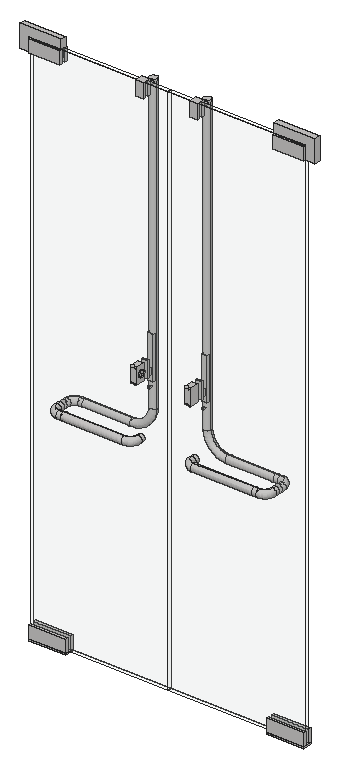
Revit family "Doors_Swing_Avanti_Systems_Pivot-Frameless-Pair-Swing-Door-Sgl-Glazed", category Doors, Revit 2026 (continued)
Definition of nested family "Pivot Door Bottom Free Swing Pivot Option"
  Forms (in)
    Extrusion 6, solid, material <- "Product Material", visible <- "Recessed Floor Closer", detail levels fine
      sketch origin (4.58661, -180, 0.45276) x (-1, 0, 0) y (0, -1, 0)
        loop
          line (4.58661, -180.03198) -> (4.58661, -179.85329) -> (-1.9685, -179.85329) -> (-1.9685, -180.03198) -> (4.58661, -180.03198)
      from -1.37992 to 0.15945
  Cuts and joins
    joined: Extrusion 3, Extrusion 4
  Dimensions and locks (in)
    plane 5 to plane 1 "Center (Front/Back)" to plane 4 = 0.41339" locked, 2.31496" locked
    plane 1 "Center (Front/Back)" to plane 6 = 3/16"
    locked: plane 8 to level at 0.45276
    locked: plane 9 to plane 10 at 0.45276
    "Glass Thickness Control": level to plane 9
    equal spacing: level, plane 11, plane 9
    plane 12 to plane 11 to plane 13 = 0.76969" locked, 0.76969" locked
    plane 7 to plane 14 to plane 15 to plane 3 "Center (Left/Right)" = 2.31507" locked, 4.03237" locked, 0.20769" locked
    locked: plane 17 to plane 4 at 0.57874
    locked: plane 16 to plane 7 at 0.40354
    locked: plane 19 to plane 16 at 0.70866
    locked: plane 20 to plane 3 "Center (Left/Right)" at 2.22678
    plane 21 to plane 11 to plane 22 = 0.62342" locked, 0.62342" locked
    plane 23 to plane 20 to plane 24 = 0.62342" locked, 0.62342" locked
    locked: plane 25 to plane 5 at 1.1811
    locked: plane 15 to plane 26 at 0.52066
    locked: plane 27 to plane 14 at 0.51485
    locked: plane 25 to plane 28 at 0.7874
    plane 1 "Center (Front/Back)" to plane 30 to plane 17 = 0.60237", 1.13386"
    locked: plane 9 to plane 32 at 0.25001
    locked: plane 31 to level at 0.25001
    locked: plane 7 to plane 33 at 0.03937
    locked: plane 34 to plane 3 "Center (Left/Right)" at 0.03937
    aligned and locked: plane 2 to Extrusion 1
    aligned and locked: level to Extrusion 1
    aligned and locked: Extrusion 2 sketch curve to plane 4
    aligned and locked: Extrusion 2 sketch curve to plane 3 "Center (Left/Right)"
    aligned and locked: Extrusion 2 sketch curve to plane 6
    aligned and locked: Extrusion 2 sketch curve to plane 7
    aligned and locked: plane 9 to Extrusion 2
    aligned and locked: plane 10 to Extrusion 2
    aligned and locked: Extrusion 3 sketch curve to plane 4
    aligned and locked: Extrusion 3 sketch curve to plane 7
    aligned and locked: Extrusion 3 sketch curve to plane 6
    aligned and locked: Extrusion 3 sketch curve to plane 3 "Center (Left/Right)"
    aligned and locked: Extrusion 4 sketch curve to plane 3 "Center (Left/Right)"
    aligned and locked: Extrusion 4 sketch curve to plane 4
    aligned and locked: Extrusion 4 sketch curve to plane 7
    aligned and locked: Extrusion 4 sketch curve to plane 6
    aligned and locked: plane 10 to Extrusion 3
    aligned and locked: plane 9 to Extrusion 3
    aligned and locked: Extrusion 4 to level
    aligned and locked: plane 8 to Extrusion 4
    aligned and locked: plane 6 to Extrusion 5
    aligned and locked: plane 3 "Center (Left/Right)" to Extrusion 6 sketch curve
    aligned and locked: plane 7 to Extrusion 6 sketch curve
    aligned and locked: Extrusion 6 to plane 13
    aligned and locked: Extrusion 6 to plane 12
  Automatic sketch dimensions
    Extrusion 1 sketch curve to Extrusion 1 sketch curve = 96"  (x2)
    Extrusion 5 sketch curve to plane 11 = 0"
    Extrusion 5 sketch curve to plane 26 = 0.00025"
    Extrusion 6 sketch curve to plane 1 "Center (Front/Back)" = 0.03198"
    plane 1 "Center (Front/Back)" to Extrusion 6 sketch curve = 0.14671"
    radius of Extrusion 5 sketch curve = 0.19685"
Definition of nested family "Pivot Door Top Free Swing Pivot"
  Parameters (values of type "Glass Thickness 8.0 mm")
    Youtube clip = "https://www.youtube.com/watch?time_continue=4&v=5oOBSi0owgs"
    Weight Net (Kg) = "0.63"
    Uniformat II Description = ""
    Uniformat II Code = ""
    Uniclass 2015 Name = ""
    Uniclass 2015 Code = ""
    Uniclass 2.0 Description = ""
    Uniclass 2.0 Code = ""
    Uniclass 1.4 Description = ""
    Uniclass 1.4 Code = ""
    URL = "http://www.colcomgroup.it"
    UNSPSC Code = ""
    Technical description = "http://www.minusco.com/images/pdf/schede-tecniche/05_PORTE_ESTERNE.pdf"
    Region South America = "All"
    Region Oceania = "All"
    Region North America = "All"
    Region Middle East = "All"
    Region Europe = "All"
    Region Asia = "All"
    Region Antarctica = "All"
    Region Africa = "All"
    QR code = "http://bimobject.com/colcom/product/Top-Hinge-Unica-100E20"
    Product url = "http://www.minusco.com/images/pdf/schede-tecniche/05_PORTE_ESTERNE.pdf"
    Product group = "Top Free hinge"
    Product family = "Glass Hardware"
    Product data url = "https://bimobject.com/colcom/product/Top-Hinge-Unica-100E20"
    Product certification = ""
    Product SKU = "Top-Hinge-Unica-100E20"
    Product Material [instance] = none
    Product Instructions = "Outer doors. Glass thickness from 8mm to 13,52mm .Maximum door width 1000mm. Maximum door weight 100 Kg."  # constant formula
    Product Guid = "7bd65d41-e2c5-4b08-8bdf-08c516c9f22f"
    OmniClass Description = ""
    OmniClass Code = ""
    Nominal width = 6.5748"
    Nominal height = 2.20472"
    NBS Reference Description = ""
    NBS Reference Code = ""
    Model = "Top Hinge Unica 100E20"
    Material secondary = "Steel"
    Material main = "Aluminium"
    Masterformat 2014 Description = ""
    Masterformat 2014 Code = ""
    Manufacturer name = "Colcom"
    Manufacturer country = "Italy"
    Manufacturer = "Colcom"
    Keynote = "08700"
    Installation instructions = ""
    IFC Classification = ""
    Glass Thickness Control [instance] = 0.31496"
    Glass Thickness = 0"
    Edition number = 1
    EAN code = ""
    Design country = "Italy"
    Description = "Top hinge for Hydraulic Hinge 101E10/101E10NF/101E10SF/101E10L"
    Default Elevation = 0"
    Date of publishing = ""
    COBIe Type Category = ""
    Brand url = ""
    BIMobject main category code = ""
    BIMobject main category = ""
    BIMobject category code = ""
    BIMobject category = ""
    Assembly Code = "C1020410"
  Reference planes (in)
    plane 1 "Center (Front/Back)": y = 0
    plane 2: z = 0
    plane 3 "Center (Left/Right)": x = 0
    plane 4: y = 2.31496
    plane 5: y = -0.41339
    plane 6: y = 0.11024
    plane 7: x = 5.5
    plane 8: z = 0.45276
    plane 9: z = -0.31496
    plane 10: z = -0.76772
    plane 11: z = -0.15748
    plane 12: z = 0.6122
    plane 13: z = -0.92717
    plane 14: x = 4.24005
    plane 15: x = 0.20769
    plane 16: x = 5.09646
    plane 17: y = 1.73622
    plane 18: x = 4.3878
    plane 19: x = 2.22678
    plane 20: z = 0.46594
    plane 21: z = -0.7809
    plane 22: x = 1.60336
    plane 23: x = 2.85019
    plane 24: y = -1.59449
    plane 25: x = 0.72835
    plane 26: x = 3.72521
    plane 27: y = -0.80709
    plane 28: y = 1.98032
    plane 29: y = 0.60237
    plane 30: z = 0.25001
    plane 31: z = -0.56497
    plane 32: x = 5.53937
    plane 33: x = -0.03937
    plane 34: y = 1.2126
    plane 35: y = 0.41339
    plane 36: y = 0.68898
    plane 37: y = 2.23622
  Forms (in)
    Extrusion 1, solid
      sketch origin (0, 0, 0) x (1, 0, 0) y (0, 1, 0)
        loop
          line (-48, 48) -> (-48, -48) -> (48, -48) -> (48, 48) -> (-48, 48)
      from 0 to -12
    Extrusion 2, solid, material <- "Product Material"
      sketch origin (3.06299, -180, -0.5315) x (-1, 0, 0) y (0, -1, 0)
        loop
          line (-2.43701, -182.31496) -> (3.06299, -182.31496) -> (3.06299, -180.11024) -> (-2.43701, -180.11024) -> (-2.43701, -182.31496)
      from -0.23622 to 0.21654
    Extrusion 3, solid, material <- "Product Material"
      sketch origin (3.06299, -180, -0.5315) x (-1, 0, 0) y (0, -1, 0)
        loop
          line (-2.43701, -182.31496) -> (3.06299, -182.31496) -> (3.06299, -180.11024) -> (-2.43701, -180.11024) -> (-2.43701, -182.31496)
      from 0.5315 to 0.98425
    Extrusion 4, solid, material <- "Product Material"
      sketch origin (3.06299, -180, -0.5315) x (-1, 0, 0) y (0, -1, 0)
        loop
          line (2.85531, -182.31496) -> (2.85531, -180.68898) -> (-2.03346, -180.68898) -> (-2.03346, -182.31496) -> (2.85531, -182.31496)
      from 0.21654 to 0.5315
  Dimensions and locks (in)
    plane 5 to plane 1 "Center (Front/Back)" to plane 4 = 0.41339" locked, 2.31496" locked
    locked: plane 1 "Center (Front/Back)" to plane 6 at 0.11024
    locked: plane 8 to level at 0.45276
    locked: plane 9 to plane 10 at 0.45276
    "Glass Thickness Control": level to plane 9
    equal spacing: level, plane 11, plane 9
    plane 12 to plane 11 to plane 13 = 0.76969" locked, 0.76969" locked
    locked: plane 17 to plane 4 at 0.57874
    locked: plane 16 to plane 7 at 0.40354
    locked: plane 18 to plane 16 at 0.70866
    locked: plane 19 to plane 3 "Center (Left/Right)" at 2.22678
    plane 20 to plane 11 to plane 21 = 0.62342" locked, 0.62342" locked
    plane 22 to plane 19 to plane 23 = 0.62342" locked, 0.62342" locked
    locked: plane 24 to plane 5 at 1.1811
    locked: plane 15 to plane 25 at 0.52066
    locked: plane 26 to plane 14 at 0.51485
    locked: plane 24 to plane 27 at 0.7874
    plane 1 "Center (Front/Back)" to plane 29 to plane 17 = 0.60237", 1.13386"
    locked: plane 9 to plane 31 at 0.25001
    locked: plane 30 to level at 0.25001
    locked: plane 7 to plane 32 at 0.03937
    locked: plane 33 to plane 3 "Center (Left/Right)" at 0.03937
    equal spacing: plane 6, plane 34, plane 4
    locked: plane 36 to plane 6 at 0.57874
    locked: plane 37 to plane 4 at 0.07874
    Extrusion 3 to Extrusion 3 = 5 1/2"
    locked: plane 7 to plane 33 at 5.53937
    aligned and locked: plane 2 to Extrusion 1
    aligned and locked: level to Extrusion 1
    aligned and locked: Extrusion 2 sketch curve to plane 4
    aligned and locked: Extrusion 2 sketch curve to plane 3 "Center (Left/Right)"
    aligned and locked: Extrusion 2 sketch curve to plane 6
    aligned and locked: Extrusion 2 sketch curve to plane 7
    aligned and locked: Extrusion 3 sketch curve to plane 4
    aligned and locked: Extrusion 3 sketch curve to plane 3 "Center (Left/Right)"
    aligned and locked: Extrusion 3 sketch curve to plane 6
    aligned and locked: Extrusion 3 sketch curve to plane 7
    aligned and locked: Extrusion 3 to level
    aligned and locked: plane 8 to Extrusion 3
    aligned and locked: plane 9 to Extrusion 2
    aligned and locked: plane 10 to Extrusion 2
    aligned and locked: Extrusion 4 sketch curve to plane 16
    aligned and locked: Extrusion 4 sketch curve to plane 15
    aligned and locked: Extrusion 4 to plane 9
    aligned and locked: level to Extrusion 4
    aligned and locked: plane 4 to Extrusion 4 sketch curve
    aligned and locked: plane 36 to Extrusion 4 sketch curve
  Automatic sketch dimensions
    Extrusion 1 sketch curve to Extrusion 1 sketch curve = 96"  (x2)
Definition of nested family "Recessed Floor Closer - Elevation"
  Reference planes (in)
    plane 1 "Center (Front/Back)": y = 0
    plane 2: z = 0
    plane 3 "Center (Left/Right)": x = 0
  Lines and regions (in)
    model lines, in view "Ref. Level"
      curve 1: line (7.18456, 0, 0) -> (7.53314, 0, 0)
      curve 2: line (-2.0721, -0.11624, 0) -> (-3.00164, -0.11624, 0)
      curve 3: line (8.89669, -0.11624, 0) -> (8.38522, -0.11624, 0)
      curve 4: line (-1.84, 0, 0) -> (-1.55577, 0, 0)
      curve 5: line (-1.55577, 0, 0) -> (-1.49142, 0, 0)
      curve 6: arc (0.61969, 0, 0) -> (0.65371, -0.08219, 0) -> (0.73589, -0.11624, 0) r 0.11619
      curve 7: arc (-0.73589, -0.11624, 0) -> (-0.65372, -0.08221, 0) -> (-0.61969, -0.00005, 0) r 0.11619
      curve 8: line (8.32712, -0.11624, 0) -> (8.32712, -2.22707, 0)
      curve 9: line (8.32712, -2.22707, 0) -> (-2.014, -2.22707, 0)
      curve 10: line (-2.014, -2.22707, 0) -> (-2.014, -0.11624, 0)
      curve 11: arc (4.93697, -0.32926, 0) -> (5.02675, -0.36198, 0) -> (5.12145, -0.37467, 0) r 0.44269
      curve 12: arc (6.01869, -0.50358, 0) -> (5.97995, -0.40943, 0) -> (5.88426, -0.37467, 0) r 0.12595
      curve 13: arc (-0.98859, -2.01405, 0) -> (-1.01198, -1.96981, 0) -> (-1.05754, -1.9491, 0) r 0.07746
      curve 14: arc (2.23102, -1.9324, 0) -> (2.26915, -1.91661, 0) -> (2.28494, -1.87849, 0) r 0.05391
      curve 15: arc (-0.98859, -2.01405, 0) -> (-1.01198, -1.96981, 0) -> (-1.05754, -1.9491, 0) r 0.07746
      curve 16: line (4.05806, -1.49349, 0) -> (4.06976, -1.51341, 0)
      curve 17: line (4.05806, -1.40163, 0) -> (4.0949, -1.42913, 0)
      curve 18: line (2.3963, -1.87849, 0) -> (2.36082, -1.98804, 0)
      curve 19: line (2.33499, -2.01405, 0) -> (2.43976, -1.99686, 0)
      curve 20: line (2.43976, -1.99686, 0) -> (2.5209, -2.01405, 0)
      curve 21: line (2.36082, -1.98804, 0) -> (2.32981, -2.01405, 0)
      curve 22: line (2.3963, -1.87849, 0) -> (2.39485, -0.368, 0)
      curve 23: line (2.51583, -0.25184, 0) -> (2.51602, -0.2713, 0)
      curve 24: line (5.09475, -0.15497, 0) -> (5.12145, -0.1649, 0)
      curve 25: line (2.51583, -0.16218, 0) -> (2.51504, -0.15497, 0)
      curve 26: line (2.3111, -0.33011, 0) -> (2.32193, -0.3217, 0)
      curve 27: line (2.28494, -0.36799, 0) -> (2.3111, -0.33011, 0)
      curve 28: line (2.32193, -0.3217, 0) -> (2.39732, -0.2818, 0)
      curve 29: line (2.51602, -0.2713, 0) -> (2.47831, -0.28084, 0)
      curve 30: line (2.47228, -0.29053, 0) -> (2.39485, -0.36799, 0)
      curve 31: line (2.47228, -0.29053, 0) -> (2.39485, -0.368, 0)
      curve 32: line (4.93697, -0.32926, 0) -> (4.80856, -0.29053, 0)
      curve 33: line (5.86382, -1.53009, 0) -> (6.11965, -1.27426, 0)
      curve 34: line (5.94518, -0.29317, 0) -> (6.06391, -0.29317, 0)
      curve 35: line (6.09155, -0.29317, 0) -> (6.06391, -0.29317, 0)
      curve 36: line (6.11965, -0.30669, 0) -> (6.09155, -0.29317, 0)
      curve 37: line (7.11028, -0.16408, 0) -> (7.10882, -0.15646, 0)
      curve 38: line (4.06517, -1.85715, 0) -> (4.05806, -1.84734, 0)
      curve 39: line (5.91956, -0.16845, 0) -> (5.92391, -0.15497, 0)
      curve 40: line (-1.53415, -0.15497, 0) -> (-1.53612, -0.16371, 0)
      curve 41: line (5.86382, -1.42913, 0) -> (6.01869, -1.27426, 0)
      curve 42: line (5.94518, -0.29317, 0) -> (5.91956, -0.27169, 0)
      curve 43: line (4.06976, -1.51341, 0) -> (4.09028, -1.53009, 0)
      curve 44: line (4.06517, -1.87849, 0) -> (4.08977, -1.9324, 0)
      curve 45: line (7.08568, -1.9324, 0) -> (7.11028, -1.87849, 0)
      curve 46: arc (7.62029, -0.1356, 0) -> (7.61461, -0.12191, 0) -> (7.60092, -0.11624, 0) r 0.01937
      curve 47: arc (3.91178, -0.81339, 0) -> (3.90611, -0.7997, 0) -> (3.89241, -0.79403, 0) r 0.01937
      curve 48: arc (3.66003, -0.79403, 0) -> (3.64634, -0.7997, 0) -> (3.64066, -0.81339, 0) r 0.01937
      curve 49: arc (7.19425, -0.11624, 0) -> (7.18055, -0.12191, 0) -> (7.17488, -0.1356, 0) r 0.01937
      curve 50: arc (-1.89781, -1.83976, 0) -> (-1.87512, -1.89453, 0) -> (-1.82035, -1.91722, 0) r 0.07746
      curve 51: arc (-1.26843, -0.11624, 0) -> (-1.28213, -0.12191, 0) -> (-1.2878, -0.1356, 0) r 0.01937
      curve 52: arc (1.2878, -0.1356, 0) -> (1.28213, -0.12191, 0) -> (1.26843, -0.11624, 0) r 0.01937
      curve 53: arc (-1.26843, -0.11624, 0) -> (-1.28213, -0.12191, 0) -> (-1.2878, -0.1356, 0) r 0.01937
      curve 54: arc (3.53321, -1.82622, 0) -> (3.54456, -1.85361, 0) -> (3.57195, -1.86496, 0) r 0.03873
      curve 55: arc (4.05806, -1.35947, 0) -> (4.04672, -1.33209, 0) -> (4.01933, -1.32074, 0) r 0.03873
      curve 56: arc (3.57195, -1.32074, 0) -> (3.54456, -1.33209, 0) -> (3.53321, -1.35947, 0) r 0.03873
      curve 57: line (7.59124, -0.30989, 0) -> (7.62029, -0.30989, 0)
      curve 58: line (7.62029, -0.30989, 0) -> (7.62029, -0.1356, 0)
      curve 59: line (7.62029, -0.1356, 0) -> (7.62029, -0.30989, 0)
      curve 60: line (7.60092, -0.11624, 0) -> (7.48666, -0.11624, 0)
      curve 61: line (3.68327, -1.86689, 0) -> (3.68327, -2.22707, 0)
      curve 62: line (3.68327, -2.22707, 0) -> (3.86918, -2.22707, 0)
      curve 63: line (3.86918, -2.22707, 0) -> (3.86918, -1.86689, 0)
      curve 64: line (3.89241, -0.94895, 0) -> (3.89241, -0.97914, 0)
      curve 65: line (3.89241, -0.97914, 0) -> (3.89241, -1.32074, 0)
      curve 66: line (4.01933, -1.32074, 0) -> (3.89241, -1.32074, 0)
      curve 67: line (3.89241, -1.32074, 0) -> (3.66003, -1.32074, 0)
      curve 68: line (3.66003, -1.32074, 0) -> (3.66003, -0.97914, 0)
      curve 69: line (3.66003, -0.97914, 0) -> (3.66003, -0.94895, 0)
      curve 70: line (3.89241, -0.79403, 0) -> (3.81495, -0.79403, 0)
      curve 71: line (3.81495, -0.79403, 0) -> (3.80527, -0.85212, 0)
      curve 72: line (3.80527, -0.85212, 0) -> (3.74717, -0.85212, 0)
      curve 73: line (3.74717, -0.85212, 0) -> (3.73749, -0.79403, 0)
      curve 74: line (3.73749, -0.79403, 0) -> (3.66003, -0.79403, 0)
      curve 75: line (3.64066, -0.81339, 0) -> (3.64066, -0.94895, 0)
      curve 76: line (3.64066, -0.94895, 0) -> (3.91178, -0.94895, 0)
      curve 77: line (3.91178, -0.94895, 0) -> (3.91178, -0.81339, 0)
      curve 78: line (7.20393, -0.17433, 0) -> (7.22329, -0.17433, 0)
      curve 79: line (7.22329, -0.17433, 0) -> (7.59124, -0.17433, 0)
      curve 80: line (7.59124, -0.17433, 0) -> (7.59124, -0.32926, 0)
      curve 81: line (7.59124, -0.32926, 0) -> (7.23298, -0.32926, 0)
      curve 82: line (7.23298, -0.32926, 0) -> (7.20393, -0.32926, 0)
      curve 83: line (7.20393, -0.32926, 0) -> (7.20393, -0.17433, 0)
      curve 84: line (7.19425, -0.40672, 0) -> (7.23298, -0.40672, 0)
      curve 85: line (7.23298, -0.40672, 0) -> (7.64933, -0.40672, 0)
      curve 86: line (7.64933, -0.40672, 0) -> (7.64933, -0.32926, 0)
      curve 87: line (7.64933, -0.32926, 0) -> (7.23298, -0.32926, 0)
      curve 88: line (7.23298, -0.32926, 0) -> (7.19425, -0.32926, 0)
      curve 89: line (7.19425, -0.32926, 0) -> (7.14583, -0.32926, 0)
      curve 90: line (7.14583, -0.32926, 0) -> (7.14583, -0.40672, 0)
      curve 91: line (7.14583, -0.40672, 0) -> (7.19425, -0.40672, 0)
      curve 92: line (7.19425, -0.40672, 0) -> (7.23298, -0.40672, 0)
      curve 93: line (7.23298, -0.40672, 0) -> (7.52346, -0.40672, 0)
      curve 94: line (7.17488, -0.1356, 0) -> (7.17488, -0.30989, 0)
      curve 95: line (7.17488, -0.30989, 0) -> (7.20393, -0.30989, 0)
      curve 96: line (7.55251, -0.11624, 0) -> (7.46343, -0.11624, 0)
      curve 97: line (7.26203, -1.10387, 0) -> (7.26203, -0.96057, 0)
      curve 98: line (7.26203, -0.96057, 0) -> (7.11872, -0.96057, 0)
      curve 99: line (7.11872, -0.96057, 0) -> (7.11872, -0.40672, 0)
      curve 100: line (7.11872, -0.40672, 0) -> (7.24266, -0.40672, 0)
      curve 101: line (7.24266, -0.40672, 0) -> (7.43631, -0.40672, 0)
      curve 102: line (7.43631, -0.40672, 0) -> (7.64933, -0.40672, 0)
      curve 103: line (7.64933, -0.40672, 0) -> (7.64933, -1.80103, 0)
      curve 104: line (7.64933, -1.80103, 0) -> (7.43631, -1.97532, 0)
      curve 105: line (7.43631, -1.97532, 0) -> (7.11872, -1.97532, 0)
      curve 106: line (7.11872, -1.97532, 0) -> (7.11872, -1.56864, 0)
      curve 107: line (7.11872, -1.56864, 0) -> (7.26203, -1.56864, 0)
      curve 108: line (7.26203, -1.56864, 0) -> (7.26203, -0.96057, 0)
      curve 109: line (7.43631, -1.97532, 0) -> (7.43631, -0.52291, 0)
      curve 110: line (7.43631, -0.52291, 0) -> (7.64933, -0.52291, 0)
      curve 111: line (7.43631, -0.52291, 0) -> (7.24266, -0.52291, 0)
      curve 112: line (7.24266, -0.52291, 0) -> (7.11872, -0.52291, 0)
      curve 113: line (7.1652, -1.56864, 0) -> (7.1652, -0.96057, 0)
      curve 114: line (-1.83971, -0.48418, 0) -> (-1.83971, -1.10387, 0)
      curve 115: line (-1.83971, -1.10387, 0) -> (-1.83971, -1.85912, 0)
      curve 116: line (-1.83971, -1.85912, 0) -> (-1.52987, -1.85912, 0)
      curve 117: line (-1.52987, -1.85912, 0) -> (-1.52987, -1.91722, 0)
      curve 118: line (-1.52987, -1.91722, 0) -> (-1.60249, -1.91722, 0)
      curve 119: line (-1.60249, -1.91722, 0) -> (-1.82035, -1.91722, 0)
      curve 120: line (-1.89781, -1.83976, 0) -> (-1.89781, -1.15132, 0)
      curve 121: line (-1.89781, -1.15132, 0) -> (-1.89781, -1.10387, 0)
      curve 122: line (-1.89781, -1.10387, 0) -> (-1.89781, -0.49386, 0)
      curve 123: line (-1.89781, -0.49386, 0) -> (-1.89781, -0.48418, 0)
      curve 124: line (-1.89781, -0.48418, 0) -> (-1.83971, -0.48418, 0)
      curve 125: line (-1.83971, -0.48418, 0) -> (-1.83971, -0.5384, 0)
      curve 126: line (-1.2878, -0.1356, 0) -> (-1.2878, -0.15497, 0)
      curve 127: line (-0.73589, -0.11624, 0) -> (0, -0.11624, 0)
      curve 128: line (0, -0.11624, 0) -> (0.73589, -0.11624, 0)
      curve 129: line (1.2878, -0.15497, 0) -> (1.2878, -0.1356, 0)
      curve 130: line (-0.74557, -0.11624, 0) -> (-1.26843, -0.11624, 0)
      curve 131: line (3.53321, -1.82622, 0) -> (3.53321, -1.35947, 0)
      curve 132: line (3.57195, -1.86496, 0) -> (3.66003, -1.86496, 0)
      curve 133: line (3.66003, -1.86496, 0) -> (3.89241, -1.86496, 0)
      curve 134: line (3.89241, -1.86496, 0) -> (4.05806, -1.86496, 0)
      curve 135: line (4.05806, -1.86496, 0) -> (4.05806, -1.85445, 0)
      curve 136: line (4.05806, -1.84734, 0) -> (4.05806, -1.85445, 0)
      curve 137: line (4.05806, -1.85445, 0) -> (4.05806, -1.49349, 0)
      curve 138: line (4.05806, -1.49349, 0) -> (4.05806, -1.40163, 0)
      curve 139: line (4.05806, -1.40163, 0) -> (4.05806, -1.38844, 0)
      curve 140: line (4.05806, -1.38844, 0) -> (4.05806, -1.35947, 0)
      curve 141: line (3.66003, -1.32074, 0) -> (3.57195, -1.32074, 0)
      curve 142: line (5.12145, -0.37467, 0) -> (5.12145, -0.1649, 0)
      curve 143: line (5.12145, -0.1649, 0) -> (5.12145, -0.37467, 0)
      curve 144: line (5.12145, -0.37467, 0) -> (5.86772, -0.37467, 0)
      curve 145: line (5.86772, -0.37467, 0) -> (5.88426, -0.37467, 0)
      curve 146: line (6.01869, -0.50358, 0) -> (6.01869, -1.27426, 0)
      curve 147: line (6.01869, -1.27426, 0) -> (6.01869, -0.50358, 0)
      curve 148: line (3.68327, -2.01405, 0) -> (2.55854, -2.01405, 0)
      curve 149: line (2.55854, -2.01405, 0) -> (2.5209, -2.01405, 0)
      curve 150: line (-0.98859, -2.01405, 0) -> (2.23102, -2.01405, 0)
      curve 151: line (2.23102, -2.01405, 0) -> (2.306, -2.01405, 0)
      curve 152: line (2.306, -2.01405, 0) -> (2.32981, -2.01405, 0)
      curve 153: line (2.28494, -1.87849, 0) -> (2.28494, -0.36799, 0)
      curve 154: line (2.51583, -0.25184, 0) -> (2.51583, -0.16218, 0)
      curve 155: line (5.86772, -0.15497, 0) -> (5.10856, -0.15497, 0)
      curve 156: line (5.10856, -0.15497, 0) -> (5.09475, -0.15497, 0)
      curve 157: line (5.09475, -0.15497, 0) -> (5.0365, -0.15497, 0)
      curve 158: line (5.0365, -0.15497, 0) -> (5.02826, -0.15497, 0)
      curve 159: line (5.02826, -0.15497, 0) -> (4.93742, -0.15497, 0)
      curve 160: line (4.93742, -0.15497, 0) -> (4.93697, -0.32926, 0)
      curve 161: line (4.80856, -0.29053, 0) -> (4.74402, -0.29053, 0)
      curve 162: line (4.74402, -0.29053, 0) -> (4.73572, -0.29053, 0)
      curve 163: line (4.73572, -0.29053, 0) -> (2.81287, -0.29053, 0)
      curve 164: line (2.81287, -0.29053, 0) -> (2.55113, -0.29053, 0)
      curve 165: line (2.55113, -0.29053, 0) -> (2.49738, -0.29053, 0)
      curve 166: line (2.49738, -0.29053, 0) -> (2.47228, -0.29053, 0)
      curve 167: line (2.47228, -0.29053, 0) -> (2.46333, -0.29053, 0)
      curve 168: line (4.93742, -0.15497, 0) -> (4.73572, -0.15497, 0)
      curve 169: line (4.73572, -0.15691, 0) -> (2.7403, -0.15691, 0)
      curve 170: line (2.7403, -0.15497, 0) -> (2.51504, -0.15497, 0)
      curve 171: line (2.51504, -0.15497, 0) -> (2.4564, -0.15497, 0)
      curve 172: line (2.4564, -0.15497, 0) -> (2.44879, -0.15497, 0)
      curve 173: line (2.44879, -0.15497, 0) -> (2.39732, -0.15497, 0)
      curve 174: line (6.11965, -0.30669, 0) -> (6.11965, -0.31568, 0)
      curve 175: line (6.11965, -0.31568, 0) -> (6.11965, -1.27426, 0)
      curve 176: line (-1.60733, -0.15497, 0) -> (-1.60733, -0.8133, 0)
      curve 177: line (-1.60733, -0.8133, 0) -> (-1.72352, -0.8133, 0)
      curve 178: line (-1.72352, -0.8133, 0) -> (-1.73901, -0.8133, 0)
      curve 179: line (2.23102, -1.9324, 0) -> (-1.22785, -1.9324, 0)
      curve 180: line (-1.22785, -1.9324, 0) -> (-1.05754, -1.9491, 0)
      curve 181: line (-1.05754, -1.9491, 0) -> (-1.22785, -1.9324, 0)
      curve 182: line (-1.22785, -1.9324, 0) -> (-1.5105, -1.90469, 0)
      curve 183: line (-1.5105, -1.90469, 0) -> (-1.5105, -1.85912, 0)
      curve 184: line (-1.5105, -1.85912, 0) -> (-1.60733, -1.85912, 0)
      curve 185: line (-1.60733, -1.85912, 0) -> (-1.60733, -1.00695, 0)
      curve 186: line (-1.60733, -1.00695, 0) -> (-1.72352, -1.00695, 0)
      curve 187: line (-1.72352, -1.00695, 0) -> (-1.73901, -1.00695, 0)
      curve 188: line (-1.73901, -1.00695, 0) -> (-1.73901, -1.40588, 0)
      curve 189: line (-1.73901, -1.40588, 0) -> (-1.8152, -1.40588, 0)
      curve 190: line (-1.8152, -1.40588, 0) -> (-1.83971, -1.40588, 0)
      curve 191: line (-1.83971, -1.40588, 0) -> (-1.83971, -1.41574, 0)
      curve 192: line (-1.83971, -1.41574, 0) -> (-1.83971, -1.85912, 0)
      curve 193: line (-1.83971, -1.85912, 0) -> (-1.72836, -1.85912, 0)
      curve 194: line (-1.72836, -1.85912, 0) -> (-1.60733, -1.85912, 0)
      curve 195: line (-1.60733, -0.8133, 0) -> (-1.54923, -0.8133, 0)
      curve 196: line (-1.54923, -0.8133, 0) -> (-1.53612, -0.8133, 0)
      curve 197: line (-1.53612, -1.85912, 0) -> (-1.53612, -0.16371, 0)
      curve 198: line (2.39732, -0.2818, 0) -> (2.39732, -0.15497, 0)
      curve 199: line (2.39732, -0.15497, 0) -> (1.39431, -0.15497, 0)
      curve 200: line (1.39431, -0.15497, 0) -> (0.51053, -0.15497, 0)
      curve 201: line (0.51053, -0.15497, 0) -> (0.51053, -0.23243, 0)
      curve 202: line (0.51053, -0.23243, 0) -> (-0.51053, -0.23243, 0)
      curve 203: line (-0.51053, -0.23243, 0) -> (-0.51053, -0.15497, 0)
      curve 204: line (-1.73901, -1.00695, 0) -> (-1.73901, -0.8133, 0)
      curve 205: line (-1.73901, -0.8133, 0) -> (-1.83971, -0.8133, 0)
      curve 206: line (-1.83971, -0.8133, 0) -> (-1.83971, -0.46472, 0)
      curve 207: line (-1.83971, -0.46472, 0) -> (-1.89781, -0.46472, 0)
      curve 208: line (-1.89781, -0.46472, 0) -> (-1.89781, -0.15875, 0)
      curve 209: line (-1.89781, -0.15875, 0) -> (-1.60733, -0.15497, 0)
      curve 210: line (-1.60733, -0.15497, 0) -> (-1.54854, -0.15497, 0)
      curve 211: line (-1.54854, -0.15497, 0) -> (-1.53415, -0.15497, 0)
      curve 212: line (-1.53415, -0.15497, 0) -> (-1.39431, -0.15497, 0)
      curve 213: line (-1.39431, -0.15497, 0) -> (-0.51053, -0.15497, 0)
      curve 214: line (-1.60733, -1.00695, 0) -> (-1.54923, -1.00695, 0)
      curve 215: line (-1.54923, -1.00695, 0) -> (-1.53612, -1.00695, 0)
      curve 216: line (7.11028, -1.87849, 0) -> (7.11028, -0.16408, 0)
      curve 217: line (5.86772, -0.37467, 0) -> (5.86772, -0.1649, 0)
      curve 218: line (5.86772, -0.1649, 0) -> (5.86772, -0.15497, 0)
      curve 219: line (5.86772, -0.15497, 0) -> (5.9086, -0.15497, 0)
      curve 220: line (5.9086, -0.15497, 0) -> (5.92391, -0.15497, 0)
      curve 221: line (5.92391, -0.15497, 0) -> (7.10815, -0.15497, 0)
      curve 222: line (7.10815, -0.15497, 0) -> (7.11543, -0.15497, 0)
      curve 223: line (7.11543, -0.15497, 0) -> (7.11872, -0.16524, 0)
      curve 224: line (5.86382, -1.53009, 0) -> (5.33754, -1.53009, 0)
      curve 225: line (5.33754, -1.53009, 0) -> (5.08104, -1.53009, 0)
      curve 226: line (5.08104, -1.53009, 0) -> (4.95588, -1.53009, 0)
      curve 227: line (4.95588, -1.53009, 0) -> (4.09028, -1.53009, 0)
      curve 228: line (4.06517, -1.85715, 0) -> (4.06517, -1.87849, 0)
      curve 229: line (4.0949, -1.42913, 0) -> (4.95357, -1.42913, 0)
      curve 230: line (4.95357, -1.42913, 0) -> (5.86382, -1.42913, 0)
      curve 231: line (5.91956, -0.27169, 0) -> (5.91956, -0.16845, 0)
      curve 232: line (4.08977, -1.9324, 0) -> (7.08568, -1.9324, 0)
      curve 233: line (7.11872, -0.16524, 0) -> (7.11872, -1.87849, 0)
      curve 234: line (7.11872, -1.87849, 0) -> (7.11872, -2.01405, 0)
      curve 235: line (7.11872, -2.01405, 0) -> (7.08706, -2.01405, 0)
      curve 236: line (3.86918, -2.01405, 0) -> (7.08706, -2.01405, 0)
      curve 237: line (-1.51885, -2.22707, 0) -> (-1.51885, -1.85696, 0)
      curve 238: line (-1.70476, -1.91722, 0) -> (-1.70476, -2.22707, 0)
      curve 239: line (-3.00164, -0.11624, 0) -> (-1.80592, -0.11624, 0)
      curve 240: line (-1.80592, -0.11624, 0) -> (-1.59338, -0.11624, 0)
      curve 241: line (-1.59338, -0.11624, 0) -> (-1.5255, -0.11624, 0)
      curve 242: line (-1.5255, -0.11624, 0) -> (-0.76493, -0.11624, 0)
      curve 243: line (7.21864, -0.11624, 0) -> (0.7262, -0.11624, 0)
      curve 244: line (0.7262, -0.11624, 0) -> (7.21864, -0.11624, 0)
      curve 245: line (7.21864, -0.11624, 0) -> (7.43199, -0.11624, 0)
      curve 246: line (7.43199, -0.11624, 0) -> (7.49906, -0.11624, 0)
      curve 247: line (7.49906, -0.11624, 0) -> (8.89669, -0.11624, 0)
      curve 248: line (7.62029, -0.11624, 0) -> (8.32712, -0.11624, 0)
      curve 249: line (8.32712, -0.11624, 0) -> (8.38522, -0.11624, 0)
      curve 250: line (-2.0721, -0.11624, 0) -> (-2.014, -0.11624, 0)
      curve 251: line (-2.014, -0.11624, 0) -> (-1.8339, -0.11624, 0)
      curve 252: arc (0.42023, 0.12764, 0) -> (0.43163, 0.10388, 0) -> (0.4571, 0.09713, 0) r 0.03147
      curve 253: arc (-0.4571, 0.09713, 0) -> (-0.43163, 0.10388, 0) -> (-0.42023, 0.12764, 0) r 0.03147
      curve 254: arc (0.61969, -0.00005, 0) -> (0.60835, 0.02734, 0) -> (0.58096, 0.03869, 0) r 0.03873
      curve 255: arc (-0.58096, 0.03869, 0) -> (-0.60835, 0.02734, 0) -> (-0.61969, -0.00005, 0) r 0.03873
      curve 256: line (0.48414, 0.03869, 0) -> (0.48414, 0.0503, 0)
      curve 257: line (0.48414, 0.0503, 0) -> (0.4571, 0.09713, 0)
      curve 258: line (-0.48414, 0.03869, 0) -> (-0.48414, 0.0503, 0)
      curve 259: line (-0.48414, 0.0503, 0) -> (-0.4571, 0.09713, 0)
      curve 260: line (0.42023, 0.12764, 0) -> (0.42023, 0.3098, 0)
      curve 261: line (0.42023, 0.3098, 0) -> (0.42023, 0.55175, 0)
      curve 262: line (0.42023, 0.55175, 0) -> (0.38438, 0.75509, 0)
      curve 263: line (0.38438, 0.75509, 0) -> (0.34564, 0.79382, 0)
      curve 264: line (0.34564, 0.79382, 0) -> (0.27875, 0.79382, 0)
      curve 265: line (0.27875, 0.79382, 0) -> (0.06197, 0.79382, 0)
      curve 266: line (0.06197, 0.79382, 0) -> (-0.06197, 0.79382, 0)
      curve 267: line (-0.06197, 0.79382, 0) -> (-0.27875, 0.79382, 0)
      curve 268: line (-0.27875, 0.79382, 0) -> (-0.34564, 0.79382, 0)
      curve 269: line (-0.34564, 0.79382, 0) -> (-0.38438, 0.75509, 0)
      curve 270: line (-0.38438, 0.75509, 0) -> (-0.42023, 0.55175, 0)
      curve 271: line (-0.42023, 0.55175, 0) -> (-0.42023, 0.3098, 0)
      curve 272: line (-0.42023, 0.3098, 0) -> (-0.42023, 0.12764, 0)
      curve 273: line (-0.58096, 0.03869, 0) -> (0, 0.03869, 0)
      curve 274: line (0, 0.03869, 0) -> (0.58096, 0.03869, 0)
      curve 275: line (-3.00164, 0, 0) -> (-1.84, 0, 0)
      curve 276: line (-1.49142, 0, 0) -> (-0.75525, 0, 0)
      curve 277: line (-0.75525, 0, 0) -> (-0.61969, 0, 0)
      curve 278: line (0.61969, 0, 0) -> (0.71652, 0, 0)
      curve 279: line (0.71652, 0, 0) -> (7.18456, 0, 0)
      curve 280: line (8.89669, -0.11624, 0) -> (8.90808, -0.05927, 0)
      curve 281: line (8.90808, -0.05927, 0) -> (8.52653, 0, 0)
      curve 282: line (8.52653, 0, 0) -> (7.53314, 0, 0)
      curve 283: line (8.38522, -0.11624, 0) -> (8.38522, -2.28516, 0)
      curve 284: line (8.38522, -2.28516, 0) -> (-2.0721, -2.28516, 0)
      curve 285: line (-2.0721, -2.28516, 0) -> (-2.0721, -0.11624, 0)
      curve 286: line (7.2869, -0.11624, 0) -> (7.19425, -0.11624, 0)
      curve 287: line (1.26843, -0.11624, 0) -> (0.74557, -0.11624, 0)
      curve 288: line (0.74557, -0.11624, 0) -> (0.73589, -0.11624, 0)
      curve 289: line (-0.73589, -0.11624, 0) -> (-0.74557, -0.11624, 0)
      curve 290: line (-1.70476, -2.22707, 0) -> (-1.51885, -2.22707, 0)
      curve 291: line (-3.00164, 0, 0) -> (-3.00164, -0.11624, 0)
      curve 292: line (-3.00164, -0.0581, 0) -> (-1.86406, -0.0581, 0)
      curve 293: line (-1.86406, -0.0581, 0) -> (-1.80592, -0.11624, 0)
      curve 294: line (-1.80592, -0.11624, 0) -> (-1.76254, -0.07746, 0)
      curve 295: line (-1.76254, -0.07746, 0) -> (-1.84, 0, 0)
      curve 296: line (-0.63523, -0.0581, 0) -> (-0.75525, -0.0581, 0)
      curve 297: line (-0.75525, -0.0581, 0) -> (-0.75525, 0, 0)
      curve 298: line (-0.75525, 0, 0) -> (-0.75525, -0.0581, 0)
      curve 299: line (-0.75525, -0.0581, 0) -> (-1.46736, -0.0581, 0)
      curve 300: line (-1.46736, -0.0581, 0) -> (-1.5255, -0.11624, 0)
      curve 301: line (-1.5278, -0.11624, 0) -> (-1.56888, -0.07746, 0)
      curve 302: line (-1.56888, -0.07746, 0) -> (-1.49142, 0, 0)
      curve 303: line (0.63523, -0.0581, 0) -> (0.71652, -0.0581, 0)
      curve 304: line (0.71652, -0.0581, 0) -> (0.71652, 0, 0)
      curve 305: line (7.53314, 0, 0) -> (7.45568, -0.07746, 0)
      curve 306: line (7.45568, -0.07746, 0) -> (7.49906, -0.11624, 0)
      curve 307: line (7.49906, -0.11624, 0) -> (7.55721, -0.0581, 0)
      curve 308: line (7.55721, -0.0581, 0) -> (8.52078, -0.0581, 0)
      curve 309: line (8.52078, -0.0581, 0) -> (8.89669, -0.11624, 0)
      curve 310: line (7.18456, 0, 0) -> (7.26203, -0.07746, 0)
      curve 311: line (7.26203, -0.07746, 0) -> (7.21864, -0.11624, 0)
      curve 312: line (7.21864, -0.11624, 0) -> (7.1605, -0.0581, 0)
      curve 313: line (7.1605, -0.0581, 0) -> (0.71652, -0.0581, 0)
Definition of nested family "Recessed Floor Closer - Section"
  Reference planes (in)
    plane 1 "Center (Front/Back)": y = 0
    plane 2: z = 0
    plane 3 "Center (Left/Right)": x = 0
  Lines and regions (in)
    model lines, in view "Ref. Level"
      curve 1: line (0.74557, 0, 0) -> (0.73589, 0, 0)
      curve 2: line (-0.73589, 0, 0) -> (-0.74557, 0, 0)
      curve 3: line (1.54923, 0, 0) -> (2.13019, 0, 0)
      curve 4: line (-2.13019, 0, 0) -> (-1.54923, 0, 0)
      curve 5: arc (0.21751, 0.13296, 0) -> (0.21284, 0.1349, 0) -> (0.20783, 0.13556, 0) r 0.01937
      curve 6: arc (-0.20783, 0.13556, 0) -> (-0.21284, 0.1349, 0) -> (-0.21751, 0.13296, 0) r 0.01937
      curve 7: arc (0.61969, 0.11619, 0) -> (0.65372, 0.03403, 0) -> (0.73589, 0, 0) r 0.11619
      curve 8: arc (-0.73589, 0, 0) -> (-0.65372, 0.03403, 0) -> (-0.61969, 0.11619, 0) r 0.11619
      curve 9: line (0.20783, 0.13556, 0) -> (0.17424, 0.13556, 0)
      curve 10: line (0.17424, 0.13556, 0) -> (-0.10929, 0.13556, 0)
      curve 11: line (-0.10929, 0.13556, 0) -> (-0.17424, 0.13556, 0)
      curve 12: line (-0.17424, 0.13556, 0) -> (-0.20783, 0.13556, 0)
      curve 13: line (-0.2801, 0.09683, 0) -> (-0.21751, 0.13296, 0)
      curve 14: line (0.21751, 0.13296, 0) -> (0.2801, 0.09683, 0)
      curve 15: line (-1.49114, -1.99464, 0) -> (-1.49114, -0.61969, 0)
      curve 16: line (-1.49114, -0.61969, 0) -> (-1.49114, 0, 0)
      curve 17: line (-1.49114, 0, 0) -> (0, 0, 0)
      curve 18: line (0, 0, 0) -> (1.54923, 0, 0)
      curve 19: line (0.48414, 0.18591, 0) -> (0.07851, 0.18591, 0)
      curve 20: line (-0.21706, 0.68735, 0) -> (0.21706, 0.68735, 0)
      curve 21: line (0.16731, 0.18591, 0) -> (-0.48414, 0.18591, 0)
      curve 22: line (-0.23545, 0.26324, 0) -> (0.23928, 0.26324, 0)
      curve 23: line (1.37494, -2.11083, 0) -> (-1.37494, -2.11083, 0)
      curve 24: line (-1.54923, 0, 0) -> (-0.62341, 0, 0)
      curve 25: line (1.49114, 0, 0) -> (1.49114, -0.61969, 0)
      curve 26: line (1.49114, -0.61969, 0) -> (1.49114, -1.60733, 0)
      curve 27: line (1.49114, -1.60733, 0) -> (1.49114, -1.99464, 0)
      curve 28: arc (1.37494, -2.11083, 0) -> (1.4571, -2.0768, 0) -> (1.49114, -1.99464, 0) r 0.11619
      curve 29: arc (-1.49114, -1.99464, 0) -> (-1.4571, -2.0768, 0) -> (-1.37494, -2.11083, 0) r 0.11619
      curve 30: arc (1.22724, -1.89781, 0) -> (1.26353, -1.87002, 0) -> (1.29014, -1.83286, 0) r 0.15492
      curve 31: arc (1.29014, -1.83286, 0) -> (1.29406, -1.82462, 0) -> (1.29748, -1.81616, 0) r 0.15492
      curve 32: arc (-1.29748, -1.81616, 0) -> (-1.29406, -1.82462, 0) -> (-1.29014, -1.83286, 0) r 0.15492
      curve 33: arc (-1.29014, -1.83286, 0) -> (-1.26353, -1.87003, 0) -> (-1.22724, -1.89781, 0) r 0.15492
      curve 34: line (-1.22513, -1.78276, 0) -> (-1.26843, -1.78465, 0)
      curve 35: line (-1.29748, -1.78594, 0) -> (-1.26843, -1.78465, 0)
      curve 36: line (1.26843, -1.78465, 0) -> (1.29748, -1.78594, 0)
      curve 37: line (1.26843, -1.78465, 0) -> (1.22513, -1.78276, 0)
      curve 38: arc (-1.26843, 0, 0) -> (-1.28213, -0.00567, 0) -> (-1.2878, -0.01937, 0) r 0.01937
      curve 39: arc (1.2878, -0.01937, 0) -> (1.28213, -0.00567, 0) -> (1.26843, 0, 0) r 0.01937
      curve 40: arc (1.2878, -0.01937, 0) -> (1.28213, -0.00567, 0) -> (1.26843, 0, 0) r 0.01937
      curve 41: line (1.09995, -2.11083, 0) -> (1.09995, -1.89781, 0)
      curve 42: line (0.91405, -1.89781, 0) -> (0.91405, -2.11083, 0)
      curve 43: line (-1.09995, -1.89781, 0) -> (-1.09995, -2.11083, 0)
      curve 44: line (-0.91405, -2.11083, 0) -> (-0.91405, -1.89781, 0)
      curve 45: line (-1.29014, -1.83286, 0) -> (1.29014, -1.83286, 0)
      curve 46: line (-1.16192, -0.69706, 0) -> (-1.21034, -0.69706, 0)
      curve 47: line (-1.21034, -0.69706, 0) -> (-1.21034, -0.34849, 0)
      curve 48: line (-1.21034, -0.34849, 0) -> (-1.21034, -0.04251, 0)
      curve 49: line (-1.16192, -1.78276, 0) -> (-1.22513, -1.78276, 0)
      curve 50: line (-1.22513, -1.78276, 0) -> (-1.22513, -1.74289, 0)
      curve 51: line (-1.22513, -1.74289, 0) -> (-1.21034, -1.74289, 0)
      curve 52: line (-1.21034, -1.74289, 0) -> (-1.21034, -1.28964, 0)
      curve 53: line (-1.29748, -1.81616, 0) -> (-1.29748, -1.78594, 0)
      curve 54: line (-1.29748, -1.78594, 0) -> (-1.29748, -1.2895, 0)
      curve 55: line (-1.29748, -1.2895, 0) -> (-1.29748, -1.07662, 0)
      curve 56: line (-1.29748, -1.07662, 0) -> (-1.29748, -0.9217, 0)
      curve 57: line (-1.29748, -0.9217, 0) -> (-1.29748, -0.70868, 0)
      curve 58: line (-1.29748, -0.70868, 0) -> (-1.29748, -0.69706, 0)
      curve 59: line (-1.29748, -0.69706, 0) -> (-1.29748, -0.03873, 0)
      curve 60: line (-1.29748, -0.03873, 0) -> (1.29748, -0.03873, 0)
      curve 61: line (1.29748, -0.03873, 0) -> (1.29748, -0.69706, 0)
      curve 62: line (1.29748, -0.69706, 0) -> (1.21034, -0.69706, 0)
      curve 63: line (1.21034, -0.69706, 0) -> (1.16192, -0.69706, 0)
      curve 64: line (1.21034, -1.28964, 0) -> (1.21034, -1.74289, 0)
      curve 65: line (1.21034, -1.74289, 0) -> (1.16192, -1.74289, 0)
      curve 66: line (1.21034, -1.74289, 0) -> (1.22513, -1.74289, 0)
      curve 67: line (1.22513, -1.74289, 0) -> (1.22513, -1.78276, 0)
      curve 68: line (1.22513, -1.78276, 0) -> (1.16192, -1.78276, 0)
      curve 69: line (-1.16192, -1.74289, 0) -> (-1.21034, -1.74289, 0)
      curve 70: line (1.21034, -0.04251, 0) -> (1.21034, -0.05069, 0)
      curve 71: line (1.21034, -0.05069, 0) -> (1.21034, -0.34849, 0)
      curve 72: line (1.21034, -0.34849, 0) -> (-1.21034, -0.34849, 0)
      curve 73: line (1.21034, -0.34849, 0) -> (1.21034, -0.69706, 0)
      curve 74: line (-1.22724, -1.89781, 0) -> (1.22724, -1.89781, 0)
      curve 75: line (1.16192, -0.38731, 0) -> (1.16192, -1.82035, 0)
      curve 76: line (1.16192, -1.82035, 0) -> (-1.16192, -1.82035, 0)
      curve 77: line (-1.16192, -1.82035, 0) -> (-1.16192, -0.38731, 0)
      curve 78: line (-1.16192, -0.38731, 0) -> (1.16192, -0.38731, 0)
      curve 79: line (-1.2878, -0.01937, 0) -> (-1.2878, -0.03873, 0)
      curve 80: line (1.2878, -0.03873, 0) -> (1.2878, -0.01937, 0)
      curve 81: line (1.29748, -1.81616, 0) -> (1.29748, -1.78594, 0)
      curve 82: line (1.29748, -1.78594, 0) -> (1.29748, -1.28964, 0)
      curve 83: line (1.29748, -1.28964, 0) -> (1.29748, -1.07662, 0)
      curve 84: line (1.29748, -1.07662, 0) -> (1.29748, -0.9217, 0)
      curve 85: line (1.29748, -0.9217, 0) -> (1.29748, -0.70868, 0)
      curve 86: line (1.29748, -0.70868, 0) -> (1.29748, -0.69706, 0)
      curve 87: line (1.42191, -0.70868, 0) -> (1.45235, -1.28964, 0)
      curve 88: line (1.16192, -0.70868, 0) -> (1.46069, -0.70868, 0)
      curve 89: line (1.46069, -0.70868, 0) -> (1.49114, -1.28964, 0)
      curve 90: line (1.49114, -1.28964, 0) -> (1.16192, -1.28964, 0)
      curve 91: line (-1.16192, -0.70868, 0) -> (-1.46069, -0.70868, 0)
      curve 92: line (-1.46069, -0.70868, 0) -> (-1.49114, -1.28964, 0)
      curve 93: line (-1.49114, -1.28964, 0) -> (-1.16192, -1.28964, 0)
      curve 94: line (-1.21034, -0.69706, 0) -> (-1.29748, -0.69706, 0)
      curve 95: arc (0.24827, 0.23226, 0) -> (0.25929, 0.22475, 0) -> (0.27244, 0.22257, 0) r 0.03098
      curve 96: arc (0.23988, 0.25189, 0) -> (0.24233, 0.24133, 0) -> (0.24827, 0.23226, 0) r 0.03098
      curve 97: arc (-0.27244, 0.22257, 0) -> (-0.25929, 0.22475, 0) -> (-0.24827, 0.23226, 0) r 0.03098
      curve 98: arc (-0.24827, 0.23226, 0) -> (-0.24233, 0.24133, 0) -> (-0.23988, 0.25189, 0) r 0.03098
      curve 99: arc (0.61969, 0.11619, 0) -> (0.60835, 0.14358, 0) -> (0.58096, 0.15492, 0) r 0.03873
      curve 100: arc (-0.58096, 0.15492, 0) -> (-0.60835, 0.14358, 0) -> (-0.61969, 0.11619, 0) r 0.03873
      curve 101: line (-2.13019, 0, 0) -> (-2.13019, 0.0235, 0)
      curve 102: line (-2.13019, 0.0235, 0) -> (-1.74289, 0.09683, 0)
      curve 103: line (-1.74289, 0.09683, 0) -> (0, 0.09683, 0)
      curve 104: line (0, 0.09683, 0) -> (1.74289, 0.09683, 0)
      curve 105: line (1.74289, 0.09683, 0) -> (2.13019, 0.0235, 0)
      curve 106: line (2.13019, 0.0235, 0) -> (2.13019, 0, 0)
      curve 107: line (0.91405, -2.11083, 0) -> (1.09995, -2.11083, 0)
      curve 108: line (-1.09995, -2.11083, 0) -> (-0.91405, -2.11083, 0)
      curve 109: line (0.48414, 0.15492, 0) -> (0.48414, 0.18591, 0)
      curve 110: line (0.48414, 0.18591, 0) -> (0.45737, 0.23226, 0)
      curve 111: line (0.45737, 0.23226, 0) -> (0.27244, 0.22257, 0)
      curve 112: line (-0.27244, 0.22257, 0) -> (-0.45737, 0.23226, 0)
      curve 113: line (-0.45737, 0.23226, 0) -> (-0.48414, 0.18591, 0)
      curve 114: line (-0.48414, 0.18591, 0) -> (-0.48414, 0.15492, 0)
      curve 115: line (-0.23988, 0.25189, 0) -> (-0.23928, 0.26324, 0)
      curve 116: line (-0.23928, 0.26324, 0) -> (-0.23694, 0.30793, 0)
      curve 117: line (-0.23694, 0.30793, 0) -> (-0.23549, 0.3356, 0)
      curve 118: line (-0.23549, 0.3356, 0) -> (-0.23075, 0.42604, 0)
      curve 119: line (-0.23075, 0.42604, 0) -> (-0.21706, 0.68735, 0)
      curve 120: line (-0.21706, 0.68735, 0) -> (-0.20437, 0.92942, 0)
      curve 121: line (-0.20437, 0.92942, 0) -> (0.20437, 0.92942, 0)
      curve 122: line (0.20437, 0.92942, 0) -> (0.2064, 0.89069, 0)
      curve 123: line (0.2064, 0.89069, 0) -> (0.21706, 0.68735, 0)
      curve 124: line (-0.58096, 0.15492, 0) -> (0.07851, 0.15492, 0)
      curve 125: line (0.07851, 0.15492, 0) -> (0.58096, 0.15492, 0)
      curve 126: line (-0.74557, 0, 0) -> (-1.26843, 0, 0)
      curve 127: line (1.26843, 0, 0) -> (0.74557, 0, 0)
      curve 128: line (0.23988, 0.25189, 0) -> (0.23928, 0.26324, 0)
      curve 129: line (0.23928, 0.26324, 0) -> (0.23694, 0.30793, 0)
      curve 130: line (0.23694, 0.30793, 0) -> (0.23549, 0.3356, 0)
      curve 131: line (0.23549, 0.3356, 0) -> (0.23075, 0.42604, 0)
      curve 132: line (0.23075, 0.42604, 0) -> (0.21706, 0.68735, 0)
      curve 133: line (-1.54923, -1.99464, 0) -> (-1.54923, 0, 0)
      curve 134: line (1.37494, -2.16893, 0) -> (-1.37494, -2.16893, 0)
      curve 135: line (1.54923, 0, 0) -> (1.54923, -1.99464, 0)
      curve 136: arc (1.37494, -2.16893, 0) -> (1.49818, -2.11788, 0) -> (1.54923, -1.99464, 0) r 0.17429
      curve 137: arc (-1.54923, -1.99464, 0) -> (-1.49818, -2.11788, 0) -> (-1.37494, -2.16893, 0) r 0.17429
      curve 138: line (-2.13019, 0, 0) -> (-1.74115, 0.07359, 0)
      curve 139: line (-1.74115, 0.07359, 0) -> (0, 0.07359, 0)
      curve 140: line (0, 0.07359, 0) -> (1.74115, 0.07359, 0)
      curve 141: line (1.74115, 0.07359, 0) -> (2.13019, 0, 0)
